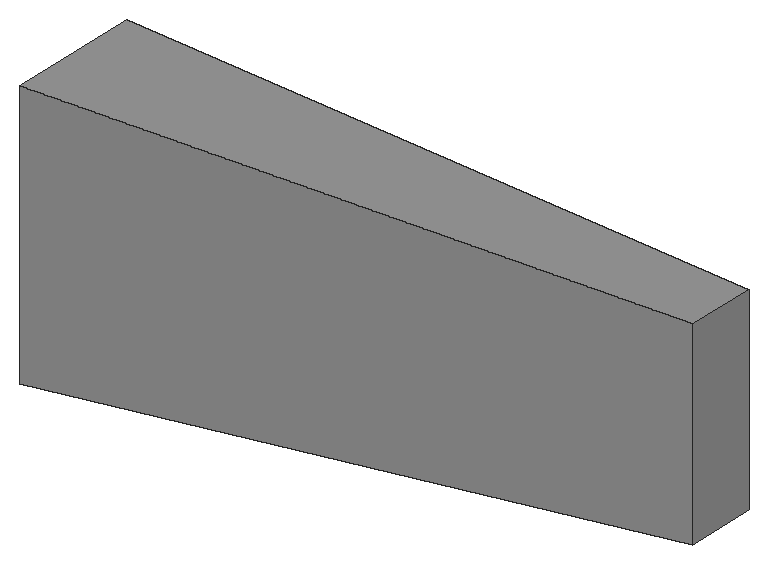
Revit family "HECM - Viga seccion variable", category Structural Framing, Revit 2027
Family settings
  Structural Framing Length Roundoff = 0 mm
  Section Shape = Not Defined
  Material for Model Behavior = Other
  Always export as geometry = No
  Work Plane-Based = No
  Always vertical = Yes
  Cut with Voids When Loaded = No
  Symbolic Representation = From Family
  Shared = No
  Show family pre-cut in plan views = Yes
Parameters
  Structural Material [instance] = Hormigón Estandar
  Longitud = 2420 mm
  Default Elevation = 0 mm
  Ancho Inicial = 500 mm
  Ancho Final = 260 mm
  Altura Inicial = 1000 mm
  Altura Final = 740 mm
Reference planes
  plane 1 "Center (Front/Back)": y = 0
  plane 2: z = 0
  plane 3 "Center (Left/Right)": x = 0
  plane 4: x = 2420
Forms (mm)
  Blend 1, solid, material "Hormigón Estandar" <- "Structural Material"
    base sketch origin (0, 0, 0) x (0, 1, 0) y (0, 0, 1)
      loop
        line (250, 0) -> (-250, 0) -> (-250, -1000) -> (250, -1000) -> (250, 0)
    top sketch origin (0, 0, 0) x (0, 1, 0) y (0, 0, 1)
      loop
        line (130, 0) -> (-130, 0) -> (-130, -740) -> (130, -740) -> (130, 0)
    from 0 to 2420
Dimensions and locks
  "Altura Inicial": level to Blend 1 sketch curve
  "Ancho Inicial": Blend 1 sketch curve to Blend 1 sketch curve
  equal spacing: Blend 1 sketch curve, plane 1 "Center (Front/Back)", Blend 1 sketch curve  (x2)
  "Altura Final": Blend 1 sketch curve to Blend 1 sketch curve
  "Ancho Final": Blend 1 sketch curve to Blend 1 sketch curve
  "Longitud": plane 3 "Center (Left/Right)" to plane 4
  aligned and locked: level to plane 2
  aligned and locked: plane 4 to Blend 1
Automatic sketch dimensions
  Blend 1 sketch curve to level = 0 mm  (x2)
